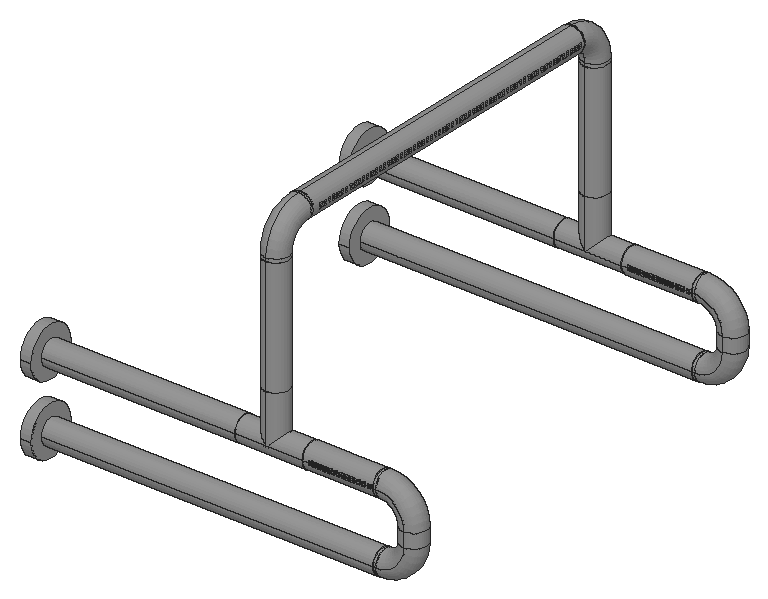
Revit family "Tube Coated Handicap Grab Bar White_IN", category Pipe Accessories, Revit 2017 (continued)
Forms (mm)
  Extrusion 216, solid, material "NYLONS"
    sketch origin (0, 308.334, 2.506) x (0, 1, 0) y (0, 0, 1)
      loop
        spline (93.449, 414.289) -> (93.523, 414.405) -> (93.583, 414.523) -> (93.63, 414.644) -> (93.663, 414.766) -> (93.684, 414.89) -> (93.69, 415.016) -> (93.684, 415.144) -> (93.663, 415.274) -> (93.63, 415.407) -> (93.583, 415.541) -> (93.523, 415.677) -> (93.449, 415.815)
        line (93.449, 415.815) -> (90.004, 415.815)
    from 317.061 to 318.374
  Extrusion 217, solid, material "NYLONS"
    sketch origin (0, 308.334, -2.612) x (0, 1, 0) y (0, 0, 1)
      loop
        spline (90.004, 415.815) -> (89.912, 415.689) -> (89.837, 415.563) -> (89.779, 415.437) -> (89.737, 415.31) -> (89.712, 415.183) -> (89.703, 415.056) -> (89.712, 414.929) -> (89.737, 414.801) -> (89.779, 414.674) -> (89.837, 414.546) -> (89.912, 414.417) -> (90.004, 414.289)
        line (90.004, 414.289) -> (93.449, 414.289)
        spline (93.449, 414.289) -> (93.523, 414.405) -> (93.583, 414.523) -> (93.63, 414.644) -> (93.663, 414.766) -> (93.684, 414.89) -> (93.69, 415.016) -> (93.684, 415.144) -> (93.663, 415.274) -> (93.63, 415.407) -> (93.583, 415.541) -> (93.523, 415.677) -> (93.449, 415.815)
        line (93.449, 415.815) -> (90.004, 415.815)
    from 317.061 to 318.374
  Extrusion 218, solid, material "NYLONS"
    sketch origin (0, 315.798, 0) x (0, 1, 0) y (0, 0, 1)
      loop
        spline (90.004, 415.815) -> (89.912, 415.689) -> (89.837, 415.563) -> (89.779, 415.437) -> (89.737, 415.31) -> (89.712, 415.183) -> (89.703, 415.056) -> (89.712, 414.929) -> (89.737, 414.801) -> (89.779, 414.674) -> (89.837, 414.546) -> (89.912, 414.417) -> (90.004, 414.289)
        line (90.004, 414.289) -> (93.449, 414.289)
        spline (93.449, 414.289) -> (93.523, 414.405) -> (93.583, 414.523) -> (93.63, 414.644) -> (93.663, 414.766) -> (93.684, 414.89) -> (93.69, 415.016) -> (93.684, 415.144) -> (93.663, 415.274) -> (93.63, 415.407) -> (93.583, 415.541) -> (93.523, 415.677) -> (93.449, 415.815)
        line (93.449, 415.815) -> (90.004, 415.815)
    from 317.061 to 318.374
  Extrusion 219, solid, material "NYLONS"
    sketch origin (0, 315.798, 2.506) x (0, 1, 0) y (0, 0, 1)
      loop
        spline (90.004, 415.815) -> (89.912, 415.689) -> (89.837, 415.563) -> (89.779, 415.437) -> (89.737, 415.31) -> (89.712, 415.183) -> (89.703, 415.056) -> (89.712, 414.929) -> (89.737, 414.801) -> (89.779, 414.674) -> (89.837, 414.546) -> (89.912, 414.417) -> (90.004, 414.289)
        line (90.004, 414.289) -> (93.449, 414.289)
        spline (93.449, 414.289) -> (93.523, 414.405) -> (93.583, 414.523) -> (93.63, 414.644) -> (93.663, 414.766) -> (93.684, 414.89) -> (93.69, 415.016) -> (93.684, 415.144) -> (93.663, 415.274) -> (93.63, 415.407) -> (93.583, 415.541) -> (93.523, 415.677) -> (93.449, 415.815)
        line (93.449, 415.815) -> (90.004, 415.815)
    from 317.061 to 318.374
  Extrusion 220, solid, material "NYLONS"
    sketch origin (0, 315.798, -2.612) x (0, 1, 0) y (0, 0, 1)
      loop
        spline (90.004, 415.815) -> (89.912, 415.689) -> (89.837, 415.563) -> (89.779, 415.437) -> (89.737, 415.31) -> (89.712, 415.183) -> (89.703, 415.056) -> (89.712, 414.929) -> (89.737, 414.801) -> (89.779, 414.674) -> (89.837, 414.546) -> (89.912, 414.417) -> (90.004, 414.289)
        line (90.004, 414.289) -> (93.449, 414.289)
        spline (93.449, 414.289) -> (93.523, 414.405) -> (93.583, 414.523) -> (93.63, 414.644) -> (93.663, 414.766) -> (93.684, 414.89) -> (93.69, 415.016) -> (93.684, 415.144) -> (93.663, 415.274) -> (93.63, 415.407) -> (93.583, 415.541) -> (93.523, 415.677) -> (93.449, 415.815)
        line (93.449, 415.815) -> (90.004, 415.815)
    from 317.061 to 318.374
  Extrusion 221, solid, material "NYLONS"
    sketch origin (0, 323.262, 0) x (0, 1, 0) y (0, 0, 1)
      loop
        spline (90.004, 415.815) -> (89.912, 415.689) -> (89.837, 415.563) -> (89.779, 415.437) -> (89.737, 415.31) -> (89.712, 415.183) -> (89.703, 415.056) -> (89.712, 414.929) -> (89.737, 414.801) -> (89.779, 414.674) -> (89.837, 414.546) -> (89.912, 414.417) -> (90.004, 414.289)
        line (90.004, 414.289) -> (93.449, 414.289)
        spline (93.449, 414.289) -> (93.523, 414.405) -> (93.583, 414.523) -> (93.63, 414.644) -> (93.663, 414.766) -> (93.684, 414.89) -> (93.69, 415.016) -> (93.684, 415.144) -> (93.663, 415.274) -> (93.63, 415.407) -> (93.583, 415.541) -> (93.523, 415.677) -> (93.449, 415.815)
        line (93.449, 415.815) -> (90.004, 415.815)
    from 317.061 to 318.374
  Extrusion 222, solid, material "NYLONS"
    sketch origin (0, 323.262, 2.506) x (0, 1, 0) y (0, 0, 1)
      loop
        spline (90.004, 415.815) -> (89.912, 415.689) -> (89.837, 415.563) -> (89.779, 415.437) -> (89.737, 415.31) -> (89.712, 415.183) -> (89.703, 415.056) -> (89.712, 414.929) -> (89.737, 414.801) -> (89.779, 414.674) -> (89.837, 414.546) -> (89.912, 414.417) -> (90.004, 414.289)
        line (90.004, 414.289) -> (93.449, 414.289)
        spline (93.449, 414.289) -> (93.523, 414.405) -> (93.583, 414.523) -> (93.63, 414.644) -> (93.663, 414.766) -> (93.684, 414.89) -> (93.69, 415.016) -> (93.684, 415.144) -> (93.663, 415.274) -> (93.63, 415.407) -> (93.583, 415.541) -> (93.523, 415.677) -> (93.449, 415.815)
        line (93.449, 415.815) -> (90.004, 415.815)
    from 317.061 to 318.374
  Extrusion 223, solid, material "NYLONS"
    sketch origin (0, 323.262, -2.612) x (0, 1, 0) y (0, 0, 1)
      loop
        spline (90.004, 415.815) -> (89.912, 415.689) -> (89.837, 415.563) -> (89.779, 415.437) -> (89.737, 415.31) -> (89.712, 415.183) -> (89.703, 415.056) -> (89.712, 414.929) -> (89.737, 414.801) -> (89.779, 414.674) -> (89.837, 414.546) -> (89.912, 414.417) -> (90.004, 414.289)
        line (90.004, 414.289) -> (93.449, 414.289)
        spline (93.449, 414.289) -> (93.523, 414.405) -> (93.583, 414.523) -> (93.63, 414.644) -> (93.663, 414.766) -> (93.684, 414.89) -> (93.69, 415.016) -> (93.684, 415.144) -> (93.663, 415.274) -> (93.63, 415.407) -> (93.583, 415.541) -> (93.523, 415.677) -> (93.449, 415.815)
        line (93.449, 415.815) -> (90.004, 415.815)
    from 317.061 to 318.374
  Extrusion 224, solid, material "NYLONS"
    sketch origin (0, 330.942, 0) x (0, 1, 0) y (0, 0, 1)
      loop
        spline (90.004, 415.815) -> (89.912, 415.689) -> (89.837, 415.563) -> (89.779, 415.437) -> (89.737, 415.31) -> (89.712, 415.183) -> (89.703, 415.056) -> (89.712, 414.929) -> (89.737, 414.801) -> (89.779, 414.674) -> (89.837, 414.546) -> (89.912, 414.417) -> (90.004, 414.289)
        line (90.004, 414.289) -> (93.449, 414.289)
        spline (93.449, 414.289) -> (93.523, 414.405) -> (93.583, 414.523) -> (93.63, 414.644) -> (93.663, 414.766) -> (93.684, 414.89) -> (93.69, 415.016) -> (93.684, 415.144) -> (93.663, 415.274) -> (93.63, 415.407) -> (93.583, 415.541) -> (93.523, 415.677) -> (93.449, 415.815)
        line (93.449, 415.815) -> (90.004, 415.815)
    from 317.061 to 318.374
  Extrusion 225, solid, material "NYLONS"
    sketch origin (0, 330.942, 2.506) x (0, 1, 0) y (0, 0, 1)
      loop
        spline (90.004, 415.815) -> (89.912, 415.689) -> (89.837, 415.563) -> (89.779, 415.437) -> (89.737, 415.31) -> (89.712, 415.183) -> (89.703, 415.056) -> (89.712, 414.929) -> (89.737, 414.801) -> (89.779, 414.674) -> (89.837, 414.546) -> (89.912, 414.417) -> (90.004, 414.289)
        line (90.004, 414.289) -> (93.449, 414.289)
        spline (93.449, 414.289) -> (93.523, 414.405) -> (93.583, 414.523) -> (93.63, 414.644) -> (93.663, 414.766) -> (93.684, 414.89) -> (93.69, 415.016) -> (93.684, 415.144) -> (93.663, 415.274) -> (93.63, 415.407) -> (93.583, 415.541) -> (93.523, 415.677) -> (93.449, 415.815)
        line (93.449, 415.815) -> (90.004, 415.815)
    from 317.061 to 318.374
  Extrusion 226, solid, material "NYLONS"
    sketch origin (0, 330.942, -2.612) x (0, 1, 0) y (0, 0, 1)
      loop
        spline (90.004, 415.815) -> (89.912, 415.689) -> (89.837, 415.563) -> (89.779, 415.437) -> (89.737, 415.31) -> (89.712, 415.183) -> (89.703, 415.056) -> (89.712, 414.929) -> (89.737, 414.801) -> (89.779, 414.674) -> (89.837, 414.546) -> (89.912, 414.417) -> (90.004, 414.289)
        line (90.004, 414.289) -> (93.449, 414.289)
        spline (93.449, 414.289) -> (93.523, 414.405) -> (93.583, 414.523) -> (93.63, 414.644) -> (93.663, 414.766) -> (93.684, 414.89) -> (93.69, 415.016) -> (93.684, 415.144) -> (93.663, 415.274) -> (93.63, 415.407) -> (93.583, 415.541) -> (93.523, 415.677) -> (93.449, 415.815)
        line (93.449, 415.815) -> (90.004, 415.815)
    from 317.061 to 318.374
  Extrusion 227, solid, material "NYLONS"
    sketch origin (0, 338.549, 0) x (0, 1, 0) y (0, 0, 1)
      loop
        spline (90.004, 415.815) -> (89.912, 415.689) -> (89.837, 415.563) -> (89.779, 415.437) -> (89.737, 415.31) -> (89.712, 415.183) -> (89.703, 415.056) -> (89.712, 414.929) -> (89.737, 414.801) -> (89.779, 414.674) -> (89.837, 414.546) -> (89.912, 414.417) -> (90.004, 414.289)
        line (90.004, 414.289) -> (93.449, 414.289)
        spline (93.449, 414.289) -> (93.523, 414.405) -> (93.583, 414.523) -> (93.63, 414.644) -> (93.663, 414.766) -> (93.684, 414.89) -> (93.69, 415.016) -> (93.684, 415.144) -> (93.663, 415.274) -> (93.63, 415.407) -> (93.583, 415.541) -> (93.523, 415.677) -> (93.449, 415.815)
        line (93.449, 415.815) -> (90.004, 415.815)
    from 317.061 to 318.374
  Extrusion 228, solid, material "NYLONS"
    sketch origin (0, 338.549, 2.506) x (0, 1, 0) y (0, 0, 1)
      loop
        spline (90.004, 415.815) -> (89.912, 415.689) -> (89.837, 415.563) -> (89.779, 415.437) -> (89.737, 415.31) -> (89.712, 415.183) -> (89.703, 415.056) -> (89.712, 414.929) -> (89.737, 414.801) -> (89.779, 414.674) -> (89.837, 414.546) -> (89.912, 414.417) -> (90.004, 414.289)
        line (90.004, 414.289) -> (93.449, 414.289)
        spline (93.449, 414.289) -> (93.523, 414.405) -> (93.583, 414.523) -> (93.63, 414.644) -> (93.663, 414.766) -> (93.684, 414.89) -> (93.69, 415.016) -> (93.684, 415.144) -> (93.663, 415.274) -> (93.63, 415.407) -> (93.583, 415.541) -> (93.523, 415.677) -> (93.449, 415.815)
        line (93.449, 415.815) -> (90.004, 415.815)
    from 317.061 to 318.374
  Extrusion 229, solid, material "NYLONS"
    sketch origin (0, 338.549, -2.612) x (0, 1, 0) y (0, 0, 1)
      loop
        spline (90.004, 415.815) -> (89.912, 415.689) -> (89.837, 415.563) -> (89.779, 415.437) -> (89.737, 415.31) -> (89.712, 415.183) -> (89.703, 415.056) -> (89.712, 414.929) -> (89.737, 414.801) -> (89.779, 414.674) -> (89.837, 414.546) -> (89.912, 414.417) -> (90.004, 414.289)
        line (90.004, 414.289) -> (93.449, 414.289)
        spline (93.449, 414.289) -> (93.523, 414.405) -> (93.583, 414.523) -> (93.63, 414.644) -> (93.663, 414.766) -> (93.684, 414.89) -> (93.69, 415.016) -> (93.684, 415.144) -> (93.663, 415.274) -> (93.63, 415.407) -> (93.583, 415.541) -> (93.523, 415.677) -> (93.449, 415.815)
        line (93.449, 415.815) -> (90.004, 415.815)
    from 317.061 to 318.374
  Extrusion 230, solid, material "NYLONS"
    sketch origin (0, 346.013, 0) x (0, 1, 0) y (0, 0, 1)
      loop
        spline (90.004, 415.815) -> (89.912, 415.689) -> (89.837, 415.563) -> (89.779, 415.437) -> (89.737, 415.31) -> (89.712, 415.183) -> (89.703, 415.056) -> (89.712, 414.929) -> (89.737, 414.801) -> (89.779, 414.674) -> (89.837, 414.546) -> (89.912, 414.417) -> (90.004, 414.289)
        line (90.004, 414.289) -> (93.449, 414.289)
        spline (93.449, 414.289) -> (93.523, 414.405) -> (93.583, 414.523) -> (93.63, 414.644) -> (93.663, 414.766) -> (93.684, 414.89) -> (93.69, 415.016) -> (93.684, 415.144) -> (93.663, 415.274) -> (93.63, 415.407) -> (93.583, 415.541) -> (93.523, 415.677) -> (93.449, 415.815)
        line (93.449, 415.815) -> (90.004, 415.815)
    from 317.061 to 318.374
  Extrusion 231, solid, material "NYLONS"
    sketch origin (0, 346.013, 2.506) x (0, 1, 0) y (0, 0, 1)
      loop
        spline (90.004, 415.815) -> (89.912, 415.689) -> (89.837, 415.563) -> (89.779, 415.437) -> (89.737, 415.31) -> (89.712, 415.183) -> (89.703, 415.056) -> (89.712, 414.929) -> (89.737, 414.801) -> (89.779, 414.674) -> (89.837, 414.546) -> (89.912, 414.417) -> (90.004, 414.289)
        line (90.004, 414.289) -> (93.449, 414.289)
        spline (93.449, 414.289) -> (93.523, 414.405) -> (93.583, 414.523) -> (93.63, 414.644) -> (93.663, 414.766) -> (93.684, 414.89) -> (93.69, 415.016) -> (93.684, 415.144) -> (93.663, 415.274) -> (93.63, 415.407) -> (93.583, 415.541) -> (93.523, 415.677) -> (93.449, 415.815)
        line (93.449, 415.815) -> (90.004, 415.815)
    from 317.061 to 318.374
  Extrusion 232, solid, material "NYLONS"
    sketch origin (0, 346.013, -2.612) x (0, 1, 0) y (0, 0, 1)
      loop
        spline (90.004, 415.815) -> (89.912, 415.689) -> (89.837, 415.563) -> (89.779, 415.437) -> (89.737, 415.31) -> (89.712, 415.183) -> (89.703, 415.056) -> (89.712, 414.929) -> (89.737, 414.801) -> (89.779, 414.674) -> (89.837, 414.546) -> (89.912, 414.417) -> (90.004, 414.289)
        line (90.004, 414.289) -> (93.449, 414.289)
        spline (93.449, 414.289) -> (93.523, 414.405) -> (93.583, 414.523) -> (93.63, 414.644) -> (93.663, 414.766) -> (93.684, 414.89) -> (93.69, 415.016) -> (93.684, 415.144) -> (93.663, 415.274) -> (93.63, 415.407) -> (93.583, 415.541) -> (93.523, 415.677) -> (93.449, 415.815)
        line (93.449, 415.815) -> (90.004, 415.815)
    from 317.061 to 318.374
  Extrusion 233, solid, material "NYLONS"
    sketch origin (0, 353.549, 0) x (0, 1, 0) y (0, 0, 1)
      loop
        spline (90.004, 415.815) -> (89.912, 415.689) -> (89.837, 415.563) -> (89.779, 415.437) -> (89.737, 415.31) -> (89.712, 415.183) -> (89.703, 415.056) -> (89.712, 414.929) -> (89.737, 414.801) -> (89.779, 414.674) -> (89.837, 414.546) -> (89.912, 414.417) -> (90.004, 414.289)
        line (90.004, 414.289) -> (93.449, 414.289)
        spline (93.449, 414.289) -> (93.523, 414.405) -> (93.583, 414.523) -> (93.63, 414.644) -> (93.663, 414.766) -> (93.684, 414.89) -> (93.69, 415.016) -> (93.684, 415.144) -> (93.663, 415.274) -> (93.63, 415.407) -> (93.583, 415.541) -> (93.523, 415.677) -> (93.449, 415.815)
        line (93.449, 415.815) -> (90.004, 415.815)
    from 317.061 to 318.374
  Extrusion 234, solid, material "NYLONS"
    sketch origin (0, 353.549, 2.506) x (0, 1, 0) y (0, 0, 1)
      loop
        spline (90.004, 415.815) -> (89.912, 415.689) -> (89.837, 415.563) -> (89.779, 415.437) -> (89.737, 415.31) -> (89.712, 415.183) -> (89.703, 415.056) -> (89.712, 414.929) -> (89.737, 414.801) -> (89.779, 414.674) -> (89.837, 414.546) -> (89.912, 414.417) -> (90.004, 414.289)
        line (90.004, 414.289) -> (93.449, 414.289)
        spline (93.449, 414.289) -> (93.523, 414.405) -> (93.583, 414.523) -> (93.63, 414.644) -> (93.663, 414.766) -> (93.684, 414.89) -> (93.69, 415.016) -> (93.684, 415.144) -> (93.663, 415.274) -> (93.63, 415.407) -> (93.583, 415.541) -> (93.523, 415.677) -> (93.449, 415.815)
        line (93.449, 415.815) -> (90.004, 415.815)
    from 317.061 to 318.374
  Extrusion 235, solid, material "NYLONS"
    sketch origin (0, 353.549, -2.612) x (0, 1, 0) y (0, 0, 1)
      loop
        spline (90.004, 415.815) -> (89.912, 415.689) -> (89.837, 415.563) -> (89.779, 415.437) -> (89.737, 415.31) -> (89.712, 415.183) -> (89.703, 415.056) -> (89.712, 414.929) -> (89.737, 414.801) -> (89.779, 414.674) -> (89.837, 414.546) -> (89.912, 414.417) -> (90.004, 414.289)
        line (90.004, 414.289) -> (93.449, 414.289)
        spline (93.449, 414.289) -> (93.523, 414.405) -> (93.583, 414.523) -> (93.63, 414.644) -> (93.663, 414.766) -> (93.684, 414.89) -> (93.69, 415.016) -> (93.684, 415.144) -> (93.663, 415.274) -> (93.63, 415.407) -> (93.583, 415.541) -> (93.523, 415.677) -> (93.449, 415.815)
        line (93.449, 415.815) -> (90.004, 415.815)
    from 317.061 to 318.374
  Extrusion 236, solid, material "NYLONS"
    sketch origin (0, 361.085, 0) x (0, 1, 0) y (0, 0, 1)
      loop
        spline (90.004, 415.815) -> (89.912, 415.689) -> (89.837, 415.563) -> (89.779, 415.437) -> (89.737, 415.31) -> (89.712, 415.183) -> (89.703, 415.056) -> (89.712, 414.929) -> (89.737, 414.801) -> (89.779, 414.674) -> (89.837, 414.546) -> (89.912, 414.417) -> (90.004, 414.289)
        line (90.004, 414.289) -> (93.449, 414.289)
        spline (93.449, 414.289) -> (93.523, 414.405) -> (93.583, 414.523) -> (93.63, 414.644) -> (93.663, 414.766) -> (93.684, 414.89) -> (93.69, 415.016) -> (93.684, 415.144) -> (93.663, 415.274) -> (93.63, 415.407) -> (93.583, 415.541) -> (93.523, 415.677) -> (93.449, 415.815)
        line (93.449, 415.815) -> (90.004, 415.815)
    from 317.061 to 318.374
  Extrusion 237, solid, material "NYLONS"
    sketch origin (0, 361.085, 2.506) x (0, 1, 0) y (0, 0, 1)
      loop
        spline (90.004, 415.815) -> (89.912, 415.689) -> (89.837, 415.563) -> (89.779, 415.437) -> (89.737, 415.31) -> (89.712, 415.183) -> (89.703, 415.056) -> (89.712, 414.929) -> (89.737, 414.801) -> (89.779, 414.674) -> (89.837, 414.546) -> (89.912, 414.417) -> (90.004, 414.289)
        line (90.004, 414.289) -> (93.449, 414.289)
        spline (93.449, 414.289) -> (93.523, 414.405) -> (93.583, 414.523) -> (93.63, 414.644) -> (93.663, 414.766) -> (93.684, 414.89) -> (93.69, 415.016) -> (93.684, 415.144) -> (93.663, 415.274) -> (93.63, 415.407) -> (93.583, 415.541) -> (93.523, 415.677) -> (93.449, 415.815)
        line (93.449, 415.815) -> (90.004, 415.815)
    from 317.061 to 318.374
  Extrusion 238, solid, material "NYLONS"
    sketch origin (0, 361.085, -2.612) x (0, 1, 0) y (0, 0, 1)
      loop
        spline (90.004, 415.815) -> (89.912, 415.689) -> (89.837, 415.563) -> (89.779, 415.437) -> (89.737, 415.31) -> (89.712, 415.183) -> (89.703, 415.056) -> (89.712, 414.929) -> (89.737, 414.801) -> (89.779, 414.674) -> (89.837, 414.546) -> (89.912, 414.417) -> (90.004, 414.289)
        line (90.004, 414.289) -> (93.449, 414.289)
        spline (93.449, 414.289) -> (93.523, 414.405) -> (93.583, 414.523) -> (93.63, 414.644) -> (93.663, 414.766) -> (93.684, 414.89) -> (93.69, 415.016) -> (93.684, 415.144) -> (93.663, 415.274) -> (93.63, 415.407) -> (93.583, 415.541) -> (93.523, 415.677) -> (93.449, 415.815)
        line (93.449, 415.815) -> (90.004, 415.815)
    from 317.061 to 318.374
  Extrusion 239, solid, material "NYLONS"
    sketch origin (0, 368.338, 0) x (0, 1, 0) y (0, 0, 1)
      loop
        spline (90.004, 415.815) -> (89.912, 415.689) -> (89.837, 415.563) -> (89.779, 415.437) -> (89.737, 415.31) -> (89.712, 415.183) -> (89.703, 415.056) -> (89.712, 414.929) -> (89.737, 414.801) -> (89.779, 414.674) -> (89.837, 414.546) -> (89.912, 414.417) -> (90.004, 414.289)
        line (90.004, 414.289) -> (93.449, 414.289)
        spline (93.449, 414.289) -> (93.523, 414.405) -> (93.583, 414.523) -> (93.63, 414.644) -> (93.663, 414.766) -> (93.684, 414.89) -> (93.69, 415.016) -> (93.684, 415.144) -> (93.663, 415.274) -> (93.63, 415.407) -> (93.583, 415.541) -> (93.523, 415.677) -> (93.449, 415.815)
        line (93.449, 415.815) -> (90.004, 415.815)
    from 317.061 to 318.374
  Extrusion 240, solid, material "NYLONS"
    sketch origin (0, 368.338, 2.506) x (0, 1, 0) y (0, 0, 1)
      loop
        spline (90.004, 415.815) -> (89.912, 415.689) -> (89.837, 415.563) -> (89.779, 415.437) -> (89.737, 415.31) -> (89.712, 415.183) -> (89.703, 415.056) -> (89.712, 414.929) -> (89.737, 414.801) -> (89.779, 414.674) -> (89.837, 414.546) -> (89.912, 414.417) -> (90.004, 414.289)
        line (90.004, 414.289) -> (93.449, 414.289)
        spline (93.449, 414.289) -> (93.523, 414.405) -> (93.583, 414.523) -> (93.63, 414.644) -> (93.663, 414.766) -> (93.684, 414.89) -> (93.69, 415.016) -> (93.684, 415.144) -> (93.663, 415.274) -> (93.63, 415.407) -> (93.583, 415.541) -> (93.523, 415.677) -> (93.449, 415.815)
        line (93.449, 415.815) -> (90.004, 415.815)
    from 317.061 to 318.374
  Extrusion 241, solid, material "NYLONS"
    sketch origin (0, 368.338, -2.612) x (0, 1, 0) y (0, 0, 1)
      loop
        spline (90.004, 415.815) -> (89.912, 415.689) -> (89.837, 415.563) -> (89.779, 415.437) -> (89.737, 415.31) -> (89.712, 415.183) -> (89.703, 415.056) -> (89.712, 414.929) -> (89.737, 414.801) -> (89.779, 414.674) -> (89.837, 414.546) -> (89.912, 414.417) -> (90.004, 414.289)
        line (90.004, 414.289) -> (93.449, 414.289)
        spline (93.449, 414.289) -> (93.523, 414.405) -> (93.583, 414.523) -> (93.63, 414.644) -> (93.663, 414.766) -> (93.684, 414.89) -> (93.69, 415.016) -> (93.684, 415.144) -> (93.663, 415.274) -> (93.63, 415.407) -> (93.583, 415.541) -> (93.523, 415.677) -> (93.449, 415.815)
        line (93.449, 415.815) -> (90.004, 415.815)
    from 317.061 to 318.374
  Extrusion 242, solid, material "NYLONS"
    sketch origin (0, 375.844, 0) x (0, 1, 0) y (0, 0, 1)
      loop
        spline (90.004, 415.815) -> (89.912, 415.689) -> (89.837, 415.563) -> (89.779, 415.437) -> (89.737, 415.31) -> (89.712, 415.183) -> (89.703, 415.056) -> (89.712, 414.929) -> (89.737, 414.801) -> (89.779, 414.674) -> (89.837, 414.546) -> (89.912, 414.417) -> (90.004, 414.289)
        line (90.004, 414.289) -> (93.449, 414.289)
        spline (93.449, 414.289) -> (93.523, 414.405) -> (93.583, 414.523) -> (93.63, 414.644) -> (93.663, 414.766) -> (93.684, 414.89) -> (93.69, 415.016) -> (93.684, 415.144) -> (93.663, 415.274) -> (93.63, 415.407) -> (93.583, 415.541) -> (93.523, 415.677) -> (93.449, 415.815)
        line (93.449, 415.815) -> (90.004, 415.815)
    from 317.061 to 318.374
  Extrusion 243, solid, material "NYLONS"
    sketch origin (0, 375.844, 2.506) x (0, 1, 0) y (0, 0, 1)
      loop
        spline (90.004, 415.815) -> (89.912, 415.689) -> (89.837, 415.563) -> (89.779, 415.437) -> (89.737, 415.31) -> (89.712, 415.183) -> (89.703, 415.056) -> (89.712, 414.929) -> (89.737, 414.801) -> (89.779, 414.674) -> (89.837, 414.546) -> (89.912, 414.417) -> (90.004, 414.289)
        line (90.004, 414.289) -> (93.449, 414.289)
        spline (93.449, 414.289) -> (93.523, 414.405) -> (93.583, 414.523) -> (93.63, 414.644) -> (93.663, 414.766) -> (93.684, 414.89) -> (93.69, 415.016) -> (93.684, 415.144) -> (93.663, 415.274) -> (93.63, 415.407) -> (93.583, 415.541) -> (93.523, 415.677) -> (93.449, 415.815)
        line (93.449, 415.815) -> (90.004, 415.815)
    from 317.061 to 318.374
  Extrusion 244, solid, material "NYLONS"
    sketch origin (0, 375.844, -2.612) x (0, 1, 0) y (0, 0, 1)
      loop
        spline (90.004, 415.815) -> (89.912, 415.689) -> (89.837, 415.563) -> (89.779, 415.437) -> (89.737, 415.31) -> (89.712, 415.183) -> (89.703, 415.056) -> (89.712, 414.929) -> (89.737, 414.801) -> (89.779, 414.674) -> (89.837, 414.546) -> (89.912, 414.417) -> (90.004, 414.289)
        line (90.004, 414.289) -> (93.449, 414.289)
        spline (93.449, 414.289) -> (93.523, 414.405) -> (93.583, 414.523) -> (93.63, 414.644) -> (93.663, 414.766) -> (93.684, 414.89) -> (93.69, 415.016) -> (93.684, 415.144) -> (93.663, 415.274) -> (93.63, 415.407) -> (93.583, 415.541) -> (93.523, 415.677) -> (93.449, 415.815)
        line (93.449, 415.815) -> (90.004, 415.815)
    from 317.061 to 318.374
  Extrusion 245, solid, material "NYLONS"
    sketch origin (0, 383.351, 0) x (0, 1, 0) y (0, 0, 1)
      loop
        spline (90.004, 415.815) -> (89.912, 415.689) -> (89.837, 415.563) -> (89.779, 415.437) -> (89.737, 415.31) -> (89.712, 415.183) -> (89.703, 415.056) -> (89.712, 414.929) -> (89.737, 414.801) -> (89.779, 414.674) -> (89.837, 414.546) -> (89.912, 414.417) -> (90.004, 414.289)
        line (90.004, 414.289) -> (93.449, 414.289)
        spline (93.449, 414.289) -> (93.523, 414.405) -> (93.583, 414.523) -> (93.63, 414.644) -> (93.663, 414.766) -> (93.684, 414.89) -> (93.69, 415.016) -> (93.684, 415.144) -> (93.663, 415.274) -> (93.63, 415.407) -> (93.583, 415.541) -> (93.523, 415.677) -> (93.449, 415.815)
        line (93.449, 415.815) -> (90.004, 415.815)
    from 317.061 to 318.374
  Extrusion 246, solid, material "NYLONS"
    sketch origin (0, 383.351, 2.506) x (0, 1, 0) y (0, 0, 1)
      loop
        spline (90.004, 415.815) -> (89.912, 415.689) -> (89.837, 415.563) -> (89.779, 415.437) -> (89.737, 415.31) -> (89.712, 415.183) -> (89.703, 415.056) -> (89.712, 414.929) -> (89.737, 414.801) -> (89.779, 414.674) -> (89.837, 414.546) -> (89.912, 414.417) -> (90.004, 414.289)
        line (90.004, 414.289) -> (93.449, 414.289)
        spline (93.449, 414.289) -> (93.523, 414.405) -> (93.583, 414.523) -> (93.63, 414.644) -> (93.663, 414.766) -> (93.684, 414.89) -> (93.69, 415.016) -> (93.684, 415.144) -> (93.663, 415.274) -> (93.63, 415.407) -> (93.583, 415.541) -> (93.523, 415.677) -> (93.449, 415.815)
        line (93.449, 415.815) -> (90.004, 415.815)
    from 317.061 to 318.374
  Extrusion 247, solid, material "NYLONS"
    sketch origin (0, 383.351, -2.612) x (0, 1, 0) y (0, 0, 1)
      loop
        spline (90.004, 415.815) -> (89.912, 415.689) -> (89.837, 415.563) -> (89.779, 415.437) -> (89.737, 415.31) -> (89.712, 415.183) -> (89.703, 415.056) -> (89.712, 414.929) -> (89.737, 414.801) -> (89.779, 414.674) -> (89.837, 414.546) -> (89.912, 414.417) -> (90.004, 414.289)
        line (90.004, 414.289) -> (93.449, 414.289)
        spline (93.449, 414.289) -> (93.523, 414.405) -> (93.583, 414.523) -> (93.63, 414.644) -> (93.663, 414.766) -> (93.684, 414.89) -> (93.69, 415.016) -> (93.684, 415.144) -> (93.663, 415.274) -> (93.63, 415.407) -> (93.583, 415.541) -> (93.523, 415.677) -> (93.449, 415.815)
        line (93.449, 415.815) -> (90.004, 415.815)
    from 317.061 to 318.374
  Extrusion 248, solid, material "NYLONS"
    sketch origin (0, 391.29, 0) x (0, 1, 0) y (0, 0, 1)
      loop
        spline (90.004, 415.815) -> (89.912, 415.689) -> (89.837, 415.563) -> (89.779, 415.437) -> (89.737, 415.31) -> (89.712, 415.183) -> (89.703, 415.056) -> (89.712, 414.929) -> (89.737, 414.801) -> (89.779, 414.674) -> (89.837, 414.546) -> (89.912, 414.417) -> (90.004, 414.289)
        line (90.004, 414.289) -> (93.449, 414.289)
        spline (93.449, 414.289) -> (93.523, 414.405) -> (93.583, 414.523) -> (93.63, 414.644) -> (93.663, 414.766) -> (93.684, 414.89) -> (93.69, 415.016) -> (93.684, 415.144) -> (93.663, 415.274) -> (93.63, 415.407) -> (93.583, 415.541) -> (93.523, 415.677) -> (93.449, 415.815)
        line (93.449, 415.815) -> (90.004, 415.815)
    from 317.061 to 318.374
  Extrusion 249, solid, material "NYLONS"
    sketch origin (0, 391.29, 2.506) x (0, 1, 0) y (0, 0, 1)
      loop
        spline (90.004, 415.815) -> (89.912, 415.689) -> (89.837, 415.563) -> (89.779, 415.437) -> (89.737, 415.31) -> (89.712, 415.183) -> (89.703, 415.056) -> (89.712, 414.929) -> (89.737, 414.801) -> (89.779, 414.674) -> (89.837, 414.546) -> (89.912, 414.417) -> (90.004, 414.289)
        line (90.004, 414.289) -> (93.449, 414.289)
        spline (93.449, 414.289) -> (93.523, 414.405) -> (93.583, 414.523) -> (93.63, 414.644) -> (93.663, 414.766) -> (93.684, 414.89) -> (93.69, 415.016) -> (93.684, 415.144) -> (93.663, 415.274) -> (93.63, 415.407) -> (93.583, 415.541) -> (93.523, 415.677) -> (93.449, 415.815)
        line (93.449, 415.815) -> (90.004, 415.815)
    from 317.061 to 318.374
  Extrusion 250, solid, material "NYLONS"
    sketch origin (0, 391.29, -2.612) x (0, 1, 0) y (0, 0, 1)
      loop
        spline (90.004, 415.815) -> (89.912, 415.689) -> (89.837, 415.563) -> (89.779, 415.437) -> (89.737, 415.31) -> (89.712, 415.183) -> (89.703, 415.056) -> (89.712, 414.929) -> (89.737, 414.801) -> (89.779, 414.674) -> (89.837, 414.546) -> (89.912, 414.417) -> (90.004, 414.289)
        line (90.004, 414.289) -> (93.449, 414.289)
        spline (93.449, 414.289) -> (93.523, 414.405) -> (93.583, 414.523) -> (93.63, 414.644) -> (93.663, 414.766) -> (93.684, 414.89) -> (93.69, 415.016) -> (93.684, 415.144) -> (93.663, 415.274) -> (93.63, 415.407) -> (93.583, 415.541) -> (93.523, 415.677) -> (93.449, 415.815)
        line (93.449, 415.815) -> (90.004, 415.815)
    from 317.061 to 318.374
  Extrusion 251, solid, material "NYLONS"
    sketch origin (0, 398.941, 0) x (0, 1, 0) y (0, 0, 1)
      loop
        spline (90.004, 415.815) -> (89.912, 415.689) -> (89.837, 415.563) -> (89.779, 415.437) -> (89.737, 415.31) -> (89.712, 415.183) -> (89.703, 415.056) -> (89.712, 414.929) -> (89.737, 414.801) -> (89.779, 414.674) -> (89.837, 414.546) -> (89.912, 414.417) -> (90.004, 414.289)
        line (90.004, 414.289) -> (93.449, 414.289)
        spline (93.449, 414.289) -> (93.523, 414.405) -> (93.583, 414.523) -> (93.63, 414.644) -> (93.663, 414.766) -> (93.684, 414.89) -> (93.69, 415.016) -> (93.684, 415.144) -> (93.663, 415.274) -> (93.63, 415.407) -> (93.583, 415.541) -> (93.523, 415.677) -> (93.449, 415.815)
        line (93.449, 415.815) -> (90.004, 415.815)
    from 317.061 to 318.374
  Extrusion 252, solid, material "NYLONS"
    sketch origin (0, 398.941, 2.506) x (0, 1, 0) y (0, 0, 1)
      loop
        spline (90.004, 415.815) -> (89.912, 415.689) -> (89.837, 415.563) -> (89.779, 415.437) -> (89.737, 415.31) -> (89.712, 415.183) -> (89.703, 415.056) -> (89.712, 414.929) -> (89.737, 414.801) -> (89.779, 414.674) -> (89.837, 414.546) -> (89.912, 414.417) -> (90.004, 414.289)
        line (90.004, 414.289) -> (93.449, 414.289)
        spline (93.449, 414.289) -> (93.523, 414.405) -> (93.583, 414.523) -> (93.63, 414.644) -> (93.663, 414.766) -> (93.684, 414.89) -> (93.69, 415.016) -> (93.684, 415.144) -> (93.663, 415.274) -> (93.63, 415.407) -> (93.583, 415.541) -> (93.523, 415.677) -> (93.449, 415.815)
        line (93.449, 415.815) -> (90.004, 415.815)
    from 317.061 to 318.374
  Extrusion 253, solid, material "NYLONS"
    sketch origin (0, 398.941, -2.612) x (0, 1, 0) y (0, 0, 1)
      loop
        spline (90.004, 415.815) -> (89.912, 415.689) -> (89.837, 415.563) -> (89.779, 415.437) -> (89.737, 415.31) -> (89.712, 415.183) -> (89.703, 415.056) -> (89.712, 414.929) -> (89.737, 414.801) -> (89.779, 414.674) -> (89.837, 414.546) -> (89.912, 414.417) -> (90.004, 414.289)
        line (90.004, 414.289) -> (93.449, 414.289)
        spline (93.449, 414.289) -> (93.523, 414.405) -> (93.583, 414.523) -> (93.63, 414.644) -> (93.663, 414.766) -> (93.684, 414.89) -> (93.69, 415.016) -> (93.684, 415.144) -> (93.663, 415.274) -> (93.63, 415.407) -> (93.583, 415.541) -> (93.523, 415.677) -> (93.449, 415.815)
        line (93.449, 415.815) -> (90.004, 415.815)
    from 317.061 to 318.374
  Extrusion 254, solid, material "NYLONS"
    sketch origin (0, 406.736, 0) x (0, 1, 0) y (0, 0, 1)
      loop
        spline (90.004, 415.815) -> (89.912, 415.689) -> (89.837, 415.563) -> (89.779, 415.437) -> (89.737, 415.31) -> (89.712, 415.183) -> (89.703, 415.056) -> (89.712, 414.929) -> (89.737, 414.801) -> (89.779, 414.674) -> (89.837, 414.546) -> (89.912, 414.417) -> (90.004, 414.289)
        line (90.004, 414.289) -> (93.449, 414.289)
        spline (93.449, 414.289) -> (93.523, 414.405) -> (93.583, 414.523) -> (93.63, 414.644) -> (93.663, 414.766) -> (93.684, 414.89) -> (93.69, 415.016) -> (93.684, 415.144) -> (93.663, 415.274) -> (93.63, 415.407) -> (93.583, 415.541) -> (93.523, 415.677) -> (93.449, 415.815)
        line (93.449, 415.815) -> (90.004, 415.815)
    from 317.061 to 318.374
  Extrusion 255, solid, material "NYLONS"
    sketch origin (0, 406.736, 2.506) x (0, 1, 0) y (0, 0, 1)
      loop
        spline (90.004, 415.815) -> (89.912, 415.689) -> (89.837, 415.563) -> (89.779, 415.437) -> (89.737, 415.31) -> (89.712, 415.183) -> (89.703, 415.056) -> (89.712, 414.929) -> (89.737, 414.801) -> (89.779, 414.674) -> (89.837, 414.546) -> (89.912, 414.417) -> (90.004, 414.289)
        line (90.004, 414.289) -> (93.449, 414.289)
        spline (93.449, 414.289) -> (93.523, 414.405) -> (93.583, 414.523) -> (93.63, 414.644) -> (93.663, 414.766) -> (93.684, 414.89) -> (93.69, 415.016) -> (93.684, 415.144) -> (93.663, 415.274) -> (93.63, 415.407) -> (93.583, 415.541) -> (93.523, 415.677) -> (93.449, 415.815)
        line (93.449, 415.815) -> (90.004, 415.815)
    from 317.061 to 318.374
  Extrusion 256, solid, material "NYLONS"
    sketch origin (0, 406.736, -2.612) x (0, 1, 0) y (0, 0, 1)
      loop
        spline (90.004, 415.815) -> (89.912, 415.689) -> (89.837, 415.563) -> (89.779, 415.437) -> (89.737, 415.31) -> (89.712, 415.183) -> (89.703, 415.056) -> (89.712, 414.929) -> (89.737, 414.801) -> (89.779, 414.674) -> (89.837, 414.546) -> (89.912, 414.417) -> (90.004, 414.289)
        line (90.004, 414.289) -> (93.449, 414.289)
        spline (93.449, 414.289) -> (93.523, 414.405) -> (93.583, 414.523) -> (93.63, 414.644) -> (93.663, 414.766) -> (93.684, 414.89) -> (93.69, 415.016) -> (93.684, 415.144) -> (93.663, 415.274) -> (93.63, 415.407) -> (93.583, 415.541) -> (93.523, 415.677) -> (93.449, 415.815)
        line (93.449, 415.815) -> (90.004, 415.815)
    from 317.061 to 318.374
  Extrusion 257, solid, material "NYLONS"
    sketch origin (0, 414.676, 0) x (0, 1, 0) y (0, 0, 1)
      loop
        spline (90.004, 415.815) -> (89.912, 415.689) -> (89.837, 415.563) -> (89.779, 415.437) -> (89.737, 415.31) -> (89.712, 415.183) -> (89.703, 415.056) -> (89.712, 414.929) -> (89.737, 414.801) -> (89.779, 414.674) -> (89.837, 414.546) -> (89.912, 414.417) -> (90.004, 414.289)
        line (90.004, 414.289) -> (93.449, 414.289)
        spline (93.449, 414.289) -> (93.523, 414.405) -> (93.583, 414.523) -> (93.63, 414.644) -> (93.663, 414.766) -> (93.684, 414.89) -> (93.69, 415.016) -> (93.684, 415.144) -> (93.663, 415.274) -> (93.63, 415.407) -> (93.583, 415.541) -> (93.523, 415.677) -> (93.449, 415.815)
        line (93.449, 415.815) -> (90.004, 415.815)
    from 317.061 to 318.374
  Extrusion 258, solid, material "NYLONS"
    sketch origin (0, 414.676, 2.506) x (0, 1, 0) y (0, 0, 1)
      loop
        spline (90.004, 415.815) -> (89.912, 415.689) -> (89.837, 415.563) -> (89.779, 415.437) -> (89.737, 415.31) -> (89.712, 415.183) -> (89.703, 415.056) -> (89.712, 414.929) -> (89.737, 414.801) -> (89.779, 414.674) -> (89.837, 414.546) -> (89.912, 414.417) -> (90.004, 414.289)
        line (90.004, 414.289) -> (93.449, 414.289)
        spline (93.449, 414.289) -> (93.523, 414.405) -> (93.583, 414.523) -> (93.63, 414.644) -> (93.663, 414.766) -> (93.684, 414.89) -> (93.69, 415.016) -> (93.684, 415.144) -> (93.663, 415.274) -> (93.63, 415.407) -> (93.583, 415.541) -> (93.523, 415.677) -> (93.449, 415.815)
        line (93.449, 415.815) -> (90.004, 415.815)
    from 317.061 to 318.374
  Extrusion 259, solid, material "NYLONS"
    sketch origin (0, 414.676, -2.612) x (0, 1, 0) y (0, 0, 1)
      loop
        spline (90.004, 415.815) -> (89.912, 415.689) -> (89.837, 415.563) -> (89.779, 415.437) -> (89.737, 415.31) -> (89.712, 415.183) -> (89.703, 415.056) -> (89.712, 414.929) -> (89.737, 414.801) -> (89.779, 414.674) -> (89.837, 414.546) -> (89.912, 414.417) -> (90.004, 414.289)
        line (90.004, 414.289) -> (93.449, 414.289)
        spline (93.449, 414.289) -> (93.523, 414.405) -> (93.583, 414.523) -> (93.63, 414.644) -> (93.663, 414.766) -> (93.684, 414.89) -> (93.69, 415.016) -> (93.684, 415.144) -> (93.663, 415.274) -> (93.63, 415.407) -> (93.583, 415.541) -> (93.523, 415.677) -> (93.449, 415.815)
        line (93.449, 415.815) -> (90.004, 415.815)
    from 317.061 to 318.374
  Extrusion 260, solid, material "NYLONS"
    sketch origin (0, 422.182, 0) x (0, 1, 0) y (0, 0, 1)
      loop
        spline (90.004, 415.815) -> (89.912, 415.689) -> (89.837, 415.563) -> (89.779, 415.437) -> (89.737, 415.31) -> (89.712, 415.183) -> (89.703, 415.056) -> (89.712, 414.929) -> (89.737, 414.801) -> (89.779, 414.674) -> (89.837, 414.546) -> (89.912, 414.417) -> (90.004, 414.289)
        line (90.004, 414.289) -> (93.449, 414.289)
        spline (93.449, 414.289) -> (93.523, 414.405) -> (93.583, 414.523) -> (93.63, 414.644) -> (93.663, 414.766) -> (93.684, 414.89) -> (93.69, 415.016) -> (93.684, 415.144) -> (93.663, 415.274) -> (93.63, 415.407) -> (93.583, 415.541) -> (93.523, 415.677) -> (93.449, 415.815)
        line (93.449, 415.815) -> (90.004, 415.815)
    from 317.061 to 318.374
  Extrusion 261, solid, material "NYLONS"
    sketch origin (0, 422.182, 2.506) x (0, 1, 0) y (0, 0, 1)
      loop
        spline (90.004, 415.815) -> (89.912, 415.689) -> (89.837, 415.563) -> (89.779, 415.437) -> (89.737, 415.31) -> (89.712, 415.183) -> (89.703, 415.056) -> (89.712, 414.929) -> (89.737, 414.801) -> (89.779, 414.674) -> (89.837, 414.546) -> (89.912, 414.417) -> (90.004, 414.289)
        line (90.004, 414.289) -> (93.449, 414.289)
        spline (93.449, 414.289) -> (93.523, 414.405) -> (93.583, 414.523) -> (93.63, 414.644) -> (93.663, 414.766) -> (93.684, 414.89) -> (93.69, 415.016) -> (93.684, 415.144) -> (93.663, 415.274) -> (93.63, 415.407) -> (93.583, 415.541) -> (93.523, 415.677) -> (93.449, 415.815)
        line (93.449, 415.815) -> (90.004, 415.815)
    from 317.061 to 318.374
  Extrusion 262, solid, material "NYLONS"
    sketch origin (0, 422.182, -2.612) x (0, 1, 0) y (0, 0, 1)
      loop
        spline (90.004, 415.815) -> (89.912, 415.689) -> (89.837, 415.563) -> (89.779, 415.437) -> (89.737, 415.31) -> (89.712, 415.183) -> (89.703, 415.056) -> (89.712, 414.929) -> (89.737, 414.801) -> (89.779, 414.674) -> (89.837, 414.546) -> (89.912, 414.417) -> (90.004, 414.289)
        line (90.004, 414.289) -> (93.449, 414.289)
        spline (93.449, 414.289) -> (93.523, 414.405) -> (93.583, 414.523) -> (93.63, 414.644) -> (93.663, 414.766) -> (93.684, 414.89) -> (93.69, 415.016) -> (93.684, 415.144) -> (93.663, 415.274) -> (93.63, 415.407) -> (93.583, 415.541) -> (93.523, 415.677) -> (93.449, 415.815)
        line (93.449, 415.815) -> (90.004, 415.815)
    from 317.061 to 318.374
  Extrusion 263, solid, material "NYLONS"
    sketch origin (0, 429.578, 0) x (0, 1, 0) y (0, 0, 1)
      loop
        spline (90.004, 415.815) -> (89.912, 415.689) -> (89.837, 415.563) -> (89.779, 415.437) -> (89.737, 415.31) -> (89.712, 415.183) -> (89.703, 415.056) -> (89.712, 414.929) -> (89.737, 414.801) -> (89.779, 414.674) -> (89.837, 414.546) -> (89.912, 414.417) -> (90.004, 414.289)
        line (90.004, 414.289) -> (93.449, 414.289)
        spline (93.449, 414.289) -> (93.523, 414.405) -> (93.583, 414.523) -> (93.63, 414.644) -> (93.663, 414.766) -> (93.684, 414.89) -> (93.69, 415.016) -> (93.684, 415.144) -> (93.663, 415.274) -> (93.63, 415.407) -> (93.583, 415.541) -> (93.523, 415.677) -> (93.449, 415.815)
        line (93.449, 415.815) -> (90.004, 415.815)
    from 317.061 to 318.374
  Extrusion 264, solid, material "NYLONS"
    sketch origin (0, 429.578, 2.506) x (0, 1, 0) y (0, 0, 1)
      loop
        spline (90.004, 415.815) -> (89.912, 415.689) -> (89.837, 415.563) -> (89.779, 415.437) -> (89.737, 415.31) -> (89.712, 415.183) -> (89.703, 415.056) -> (89.712, 414.929) -> (89.737, 414.801) -> (89.779, 414.674) -> (89.837, 414.546) -> (89.912, 414.417) -> (90.004, 414.289)
        line (90.004, 414.289) -> (93.449, 414.289)
        spline (93.449, 414.289) -> (93.523, 414.405) -> (93.583, 414.523) -> (93.63, 414.644) -> (93.663, 414.766) -> (93.684, 414.89) -> (93.69, 415.016) -> (93.684, 415.144) -> (93.663, 415.274) -> (93.63, 415.407) -> (93.583, 415.541) -> (93.523, 415.677) -> (93.449, 415.815)
        line (93.449, 415.815) -> (90.004, 415.815)
    from 317.061 to 318.374
  Extrusion 265, solid, material "NYLONS"
    sketch origin (0, 429.578, -2.612) x (0, 1, 0) y (0, 0, 1)
      loop
        spline (90.004, 415.815) -> (89.912, 415.689) -> (89.837, 415.563) -> (89.779, 415.437) -> (89.737, 415.31) -> (89.712, 415.183) -> (89.703, 415.056) -> (89.712, 414.929) -> (89.737, 414.801) -> (89.779, 414.674) -> (89.837, 414.546) -> (89.912, 414.417) -> (90.004, 414.289)
        line (90.004, 414.289) -> (93.449, 414.289)
        spline (93.449, 414.289) -> (93.523, 414.405) -> (93.583, 414.523) -> (93.63, 414.644) -> (93.663, 414.766) -> (93.684, 414.89) -> (93.69, 415.016) -> (93.684, 415.144) -> (93.663, 415.274) -> (93.63, 415.407) -> (93.583, 415.541) -> (93.523, 415.677) -> (93.449, 415.815)
        line (93.449, 415.815) -> (90.004, 415.815)
    from 317.061 to 318.374
  Extrusion 266, solid, material "NYLONS"
    sketch origin (0, 437.076, 0) x (0, 1, 0) y (0, 0, 1)
      loop
        spline (90.004, 415.815) -> (89.912, 415.689) -> (89.837, 415.563) -> (89.779, 415.437) -> (89.737, 415.31) -> (89.712, 415.183) -> (89.703, 415.056) -> (89.712, 414.929) -> (89.737, 414.801) -> (89.779, 414.674) -> (89.837, 414.546) -> (89.912, 414.417) -> (90.004, 414.289)
        line (90.004, 414.289) -> (93.449, 414.289)
        spline (93.449, 414.289) -> (93.523, 414.405) -> (93.583, 414.523) -> (93.63, 414.644) -> (93.663, 414.766) -> (93.684, 414.89) -> (93.69, 415.016) -> (93.684, 415.144) -> (93.663, 415.274) -> (93.63, 415.407) -> (93.583, 415.541) -> (93.523, 415.677) -> (93.449, 415.815)
        line (93.449, 415.815) -> (90.004, 415.815)
    from 317.061 to 318.374
  Extrusion 267, solid, material "NYLONS"
    sketch origin (0, 437.076, 2.506) x (0, 1, 0) y (0, 0, 1)
      loop
        spline (90.004, 415.815) -> (89.912, 415.689) -> (89.837, 415.563) -> (89.779, 415.437) -> (89.737, 415.31) -> (89.712, 415.183) -> (89.703, 415.056) -> (89.712, 414.929) -> (89.737, 414.801) -> (89.779, 414.674) -> (89.837, 414.546) -> (89.912, 414.417) -> (90.004, 414.289)
        line (90.004, 414.289) -> (93.449, 414.289)
        spline (93.449, 414.289) -> (93.523, 414.405) -> (93.583, 414.523) -> (93.63, 414.644) -> (93.663, 414.766) -> (93.684, 414.89) -> (93.69, 415.016) -> (93.684, 415.144) -> (93.663, 415.274) -> (93.63, 415.407) -> (93.583, 415.541) -> (93.523, 415.677) -> (93.449, 415.815)
        line (93.449, 415.815) -> (90.004, 415.815)
    from 317.061 to 318.374
  Extrusion 268, solid, material "NYLONS"
    sketch origin (0, 437.076, -2.612) x (0, 1, 0) y (0, 0, 1)
      loop
        spline (90.004, 415.815) -> (89.912, 415.689) -> (89.837, 415.563) -> (89.779, 415.437) -> (89.737, 415.31) -> (89.712, 415.183) -> (89.703, 415.056) -> (89.712, 414.929) -> (89.737, 414.801) -> (89.779, 414.674) -> (89.837, 414.546) -> (89.912, 414.417) -> (90.004, 414.289)
        line (90.004, 414.289) -> (93.449, 414.289)
        spline (93.449, 414.289) -> (93.523, 414.405) -> (93.583, 414.523) -> (93.63, 414.644) -> (93.663, 414.766) -> (93.684, 414.89) -> (93.69, 415.016) -> (93.684, 415.144) -> (93.663, 415.274) -> (93.63, 415.407) -> (93.583, 415.541) -> (93.523, 415.677) -> (93.449, 415.815)
        line (93.449, 415.815) -> (90.004, 415.815)
    from 317.061 to 318.374
  Extrusion 269, solid, material "NYLONS"
    sketch origin (0, 444.669, 0) x (0, 1, 0) y (0, 0, 1)
      loop
        spline (90.004, 415.815) -> (89.912, 415.689) -> (89.837, 415.563) -> (89.779, 415.437) -> (89.737, 415.31) -> (89.712, 415.183) -> (89.703, 415.056) -> (89.712, 414.929) -> (89.737, 414.801) -> (89.779, 414.674) -> (89.837, 414.546) -> (89.912, 414.417) -> (90.004, 414.289)
        line (90.004, 414.289) -> (93.449, 414.289)
        spline (93.449, 414.289) -> (93.523, 414.405) -> (93.583, 414.523) -> (93.63, 414.644) -> (93.663, 414.766) -> (93.684, 414.89) -> (93.69, 415.016) -> (93.684, 415.144) -> (93.663, 415.274) -> (93.63, 415.407) -> (93.583, 415.541) -> (93.523, 415.677) -> (93.449, 415.815)
        line (93.449, 415.815) -> (90.004, 415.815)
    from 317.061 to 318.374
  Extrusion 270, solid, material "NYLONS"
    sketch origin (0, 444.669, 2.506) x (0, 1, 0) y (0, 0, 1)
      loop
        spline (90.004, 415.815) -> (89.912, 415.689) -> (89.837, 415.563) -> (89.779, 415.437) -> (89.737, 415.31) -> (89.712, 415.183) -> (89.703, 415.056) -> (89.712, 414.929) -> (89.737, 414.801) -> (89.779, 414.674) -> (89.837, 414.546) -> (89.912, 414.417) -> (90.004, 414.289)
        line (90.004, 414.289) -> (93.449, 414.289)
        spline (93.449, 414.289) -> (93.523, 414.405) -> (93.583, 414.523) -> (93.63, 414.644) -> (93.663, 414.766) -> (93.684, 414.89) -> (93.69, 415.016) -> (93.684, 415.144) -> (93.663, 415.274) -> (93.63, 415.407) -> (93.583, 415.541) -> (93.523, 415.677) -> (93.449, 415.815)
        line (93.449, 415.815) -> (90.004, 415.815)
    from 317.061 to 318.374
  Extrusion 271, solid, material "NYLONS"
    sketch origin (0, 444.669, -2.612) x (0, 1, 0) y (0, 0, 1)
      loop
        spline (90.004, 415.815) -> (89.912, 415.689) -> (89.837, 415.563) -> (89.779, 415.437) -> (89.737, 415.31) -> (89.712, 415.183) -> (89.703, 415.056) -> (89.712, 414.929) -> (89.737, 414.801) -> (89.779, 414.674) -> (89.837, 414.546) -> (89.912, 414.417) -> (90.004, 414.289)
        line (90.004, 414.289) -> (93.449, 414.289)
        spline (93.449, 414.289) -> (93.523, 414.405) -> (93.583, 414.523) -> (93.63, 414.644) -> (93.663, 414.766) -> (93.684, 414.89) -> (93.69, 415.016) -> (93.684, 415.144) -> (93.663, 415.274) -> (93.63, 415.407) -> (93.583, 415.541) -> (93.523, 415.677) -> (93.449, 415.815)
        line (93.449, 415.815) -> (90.004, 415.815)
    from 317.061 to 318.374
  Extrusion 272, solid, material "NYLONS"
    sketch origin (0, 452.262, 0) x (0, 1, 0) y (0, 0, 1)
      loop
        spline (90.004, 415.815) -> (89.912, 415.689) -> (89.837, 415.563) -> (89.779, 415.437) -> (89.737, 415.31) -> (89.712, 415.183) -> (89.703, 415.056) -> (89.712, 414.929) -> (89.737, 414.801) -> (89.779, 414.674) -> (89.837, 414.546) -> (89.912, 414.417) -> (90.004, 414.289)
        line (90.004, 414.289) -> (93.449, 414.289)
        spline (93.449, 414.289) -> (93.523, 414.405) -> (93.583, 414.523) -> (93.63, 414.644) -> (93.663, 414.766) -> (93.684, 414.89) -> (93.69, 415.016) -> (93.684, 415.144) -> (93.663, 415.274) -> (93.63, 415.407) -> (93.583, 415.541) -> (93.523, 415.677) -> (93.449, 415.815)
        line (93.449, 415.815) -> (90.004, 415.815)
    from 317.061 to 318.374
  Extrusion 273, solid, material "NYLONS"
    sketch origin (0, 452.262, 2.506) x (0, 1, 0) y (0, 0, 1)
      loop
        spline (90.004, 415.815) -> (89.912, 415.689) -> (89.837, 415.563) -> (89.779, 415.437) -> (89.737, 415.31) -> (89.712, 415.183) -> (89.703, 415.056) -> (89.712, 414.929) -> (89.737, 414.801) -> (89.779, 414.674) -> (89.837, 414.546) -> (89.912, 414.417) -> (90.004, 414.289)
        line (90.004, 414.289) -> (93.449, 414.289)
        spline (93.449, 414.289) -> (93.523, 414.405) -> (93.583, 414.523) -> (93.63, 414.644) -> (93.663, 414.766) -> (93.684, 414.89) -> (93.69, 415.016) -> (93.684, 415.144) -> (93.663, 415.274) -> (93.63, 415.407) -> (93.583, 415.541) -> (93.523, 415.677) -> (93.449, 415.815)
        line (93.449, 415.815) -> (90.004, 415.815)
    from 317.061 to 318.374
  Extrusion 274, solid, material "NYLONS"
    sketch origin (0, 452.262, -2.612) x (0, 1, 0) y (0, 0, 1)
      loop
        spline (90.004, 415.815) -> (89.912, 415.689) -> (89.837, 415.563) -> (89.779, 415.437) -> (89.737, 415.31) -> (89.712, 415.183) -> (89.703, 415.056) -> (89.712, 414.929) -> (89.737, 414.801) -> (89.779, 414.674) -> (89.837, 414.546) -> (89.912, 414.417) -> (90.004, 414.289)
        line (90.004, 414.289) -> (93.449, 414.289)
        spline (93.449, 414.289) -> (93.523, 414.405) -> (93.583, 414.523) -> (93.63, 414.644) -> (93.663, 414.766) -> (93.684, 414.89) -> (93.69, 415.016) -> (93.684, 415.144) -> (93.663, 415.274) -> (93.63, 415.407) -> (93.583, 415.541) -> (93.523, 415.677) -> (93.449, 415.815)
        line (93.449, 415.815) -> (90.004, 415.815)
    from 317.061 to 318.374
  Extrusion 275, solid, material "NYLONS"
    sketch origin (0, 459.761, 0) x (0, 1, 0) y (0, 0, 1)
      loop
        spline (90.004, 415.815) -> (89.912, 415.689) -> (89.837, 415.563) -> (89.779, 415.437) -> (89.737, 415.31) -> (89.712, 415.183) -> (89.703, 415.056) -> (89.712, 414.929) -> (89.737, 414.801) -> (89.779, 414.674) -> (89.837, 414.546) -> (89.912, 414.417) -> (90.004, 414.289)
        line (90.004, 414.289) -> (93.449, 414.289)
        spline (93.449, 414.289) -> (93.523, 414.405) -> (93.583, 414.523) -> (93.63, 414.644) -> (93.663, 414.766) -> (93.684, 414.89) -> (93.69, 415.016) -> (93.684, 415.144) -> (93.663, 415.274) -> (93.63, 415.407) -> (93.583, 415.541) -> (93.523, 415.677) -> (93.449, 415.815)
        line (93.449, 415.815) -> (90.004, 415.815)
    from 317.061 to 318.374
  Extrusion 276, solid, material "NYLONS"
    sketch origin (0, 459.761, 2.506) x (0, 1, 0) y (0, 0, 1)
      loop
        spline (90.004, 415.815) -> (89.912, 415.689) -> (89.837, 415.563) -> (89.779, 415.437) -> (89.737, 415.31) -> (89.712, 415.183) -> (89.703, 415.056) -> (89.712, 414.929) -> (89.737, 414.801) -> (89.779, 414.674) -> (89.837, 414.546) -> (89.912, 414.417) -> (90.004, 414.289)
        line (90.004, 414.289) -> (93.449, 414.289)
        spline (93.449, 414.289) -> (93.523, 414.405) -> (93.583, 414.523) -> (93.63, 414.644) -> (93.663, 414.766) -> (93.684, 414.89) -> (93.69, 415.016) -> (93.684, 415.144) -> (93.663, 415.274) -> (93.63, 415.407) -> (93.583, 415.541) -> (93.523, 415.677) -> (93.449, 415.815)
        line (93.449, 415.815) -> (90.004, 415.815)
    from 317.061 to 318.374
  Extrusion 277, solid, material "NYLONS"
    sketch origin (0, 459.761, -2.612) x (0, 1, 0) y (0, 0, 1)
      loop
        spline (90.004, 415.815) -> (89.912, 415.689) -> (89.837, 415.563) -> (89.779, 415.437) -> (89.737, 415.31) -> (89.712, 415.183) -> (89.703, 415.056) -> (89.712, 414.929) -> (89.737, 414.801) -> (89.779, 414.674) -> (89.837, 414.546) -> (89.912, 414.417) -> (90.004, 414.289)
        line (90.004, 414.289) -> (93.449, 414.289)
        spline (93.449, 414.289) -> (93.523, 414.405) -> (93.583, 414.523) -> (93.63, 414.644) -> (93.663, 414.766) -> (93.684, 414.89) -> (93.69, 415.016) -> (93.684, 415.144) -> (93.663, 415.274) -> (93.63, 415.407) -> (93.583, 415.541) -> (93.523, 415.677) -> (93.449, 415.815)
        line (93.449, 415.815) -> (90.004, 415.815)
    from 317.061 to 318.374
  Extrusion 278, solid, material "NYLONS"
    sketch origin (669.29, 0, 0) x (0, 1, 0) y (0, 0, -1)
      loop
        line (90.004, -415.815) -> (93.449, -415.815)
        spline (93.449, -415.815) -> (93.523, -415.677) -> (93.583, -415.541) -> (93.63, -415.407) -> (93.663, -415.274) -> (93.684, -415.144) -> (93.69, -415.016) -> (93.684, -414.89) -> (93.663, -414.766) -> (93.63, -414.644) -> (93.583, -414.523) -> (93.523, -414.405) -> (93.449, -414.289)
        line (93.449, -414.289) -> (90.004, -414.289)
        spline (90.004, -414.289) -> (89.912, -414.417) -> (89.837, -414.546) -> (89.779, -414.674) -> (89.737, -414.801) -> (89.712, -414.929) -> (89.703, -415.056) -> (89.712, -415.183) -> (89.737, -415.31) -> (89.779, -415.437) -> (89.837, -415.563) -> (89.912, -415.689) -> (90.004, -415.815)
    from 317.061 to 318.374
  Extrusion 279, solid, material "NYLONS"
    sketch origin (669.29, 0, 2.506) x (0, 1, 0) y (0, 0, -1)
      loop
        line (90.004, -415.815) -> (93.449, -415.815)
        spline (93.449, -415.815) -> (93.523, -415.677) -> (93.583, -415.541) -> (93.63, -415.407) -> (93.663, -415.274) -> (93.684, -415.144) -> (93.69, -415.016) -> (93.684, -414.89) -> (93.663, -414.766) -> (93.63, -414.644) -> (93.583, -414.523) -> (93.523, -414.405) -> (93.449, -414.289)
        line (93.449, -414.289) -> (90.004, -414.289)
        spline (90.004, -414.289) -> (89.912, -414.417) -> (89.837, -414.546) -> (89.779, -414.674) -> (89.737, -414.801) -> (89.712, -414.929) -> (89.703, -415.056) -> (89.712, -415.183) -> (89.737, -415.31) -> (89.779, -415.437) -> (89.837, -415.563) -> (89.912, -415.689) -> (90.004, -415.815)
    from 317.061 to 318.374
  Extrusion 280, solid, material "NYLONS"
    sketch origin (669.29, 0, -2.612) x (0, 1, 0) y (0, 0, -1)
      loop
        line (90.004, -415.815) -> (93.449, -415.815)
        spline (93.449, -415.815) -> (93.523, -415.677) -> (93.583, -415.541) -> (93.63, -415.407) -> (93.663, -415.274) -> (93.684, -415.144) -> (93.69, -415.016) -> (93.684, -414.89) -> (93.663, -414.766) -> (93.63, -414.644) -> (93.583, -414.523) -> (93.523, -414.405) -> (93.449, -414.289)
        line (93.449, -414.289) -> (90.004, -414.289)
        spline (90.004, -414.289) -> (89.912, -414.417) -> (89.837, -414.546) -> (89.779, -414.674) -> (89.737, -414.801) -> (89.712, -414.929) -> (89.703, -415.056) -> (89.712, -415.183) -> (89.737, -415.31) -> (89.779, -415.437) -> (89.837, -415.563) -> (89.912, -415.689) -> (90.004, -415.815)
    from 317.061 to 318.374
  Extrusion 281, solid, material "NYLONS"
    sketch origin (669.29, 7.511, 0) x (0, 1, 0) y (0, 0, -1)
      loop
        line (90.004, -415.815) -> (93.449, -415.815)
        spline (93.449, -415.815) -> (93.523, -415.677) -> (93.583, -415.541) -> (93.63, -415.407) -> (93.663, -415.274) -> (93.684, -415.144) -> (93.69, -415.016) -> (93.684, -414.89) -> (93.663, -414.766) -> (93.63, -414.644) -> (93.583, -414.523) -> (93.523, -414.405) -> (93.449, -414.289)
        line (93.449, -414.289) -> (90.004, -414.289)
        spline (90.004, -414.289) -> (89.912, -414.417) -> (89.837, -414.546) -> (89.779, -414.674) -> (89.737, -414.801) -> (89.712, -414.929) -> (89.703, -415.056) -> (89.712, -415.183) -> (89.737, -415.31) -> (89.779, -415.437) -> (89.837, -415.563) -> (89.912, -415.689) -> (90.004, -415.815)
    from 317.061 to 318.374
  Extrusion 282, solid, material "NYLONS"
    sketch origin (669.29, 7.511, 2.506) x (0, 1, 0) y (0, 0, -1)
      loop
        line (90.004, -415.815) -> (93.449, -415.815)
        spline (93.449, -415.815) -> (93.523, -415.677) -> (93.583, -415.541) -> (93.63, -415.407) -> (93.663, -415.274) -> (93.684, -415.144) -> (93.69, -415.016) -> (93.684, -414.89) -> (93.663, -414.766) -> (93.63, -414.644) -> (93.583, -414.523) -> (93.523, -414.405) -> (93.449, -414.289)
        line (93.449, -414.289) -> (90.004, -414.289)
        spline (90.004, -414.289) -> (89.912, -414.417) -> (89.837, -414.546) -> (89.779, -414.674) -> (89.737, -414.801) -> (89.712, -414.929) -> (89.703, -415.056) -> (89.712, -415.183) -> (89.737, -415.31) -> (89.779, -415.437) -> (89.837, -415.563) -> (89.912, -415.689) -> (90.004, -415.815)
    from 317.061 to 318.374
  Extrusion 283, solid, material "NYLONS"
    sketch origin (669.29, 7.511, -2.612) x (0, 1, 0) y (0, 0, -1)
      loop
        line (90.004, -415.815) -> (93.449, -415.815)
        spline (93.449, -415.815) -> (93.523, -415.677) -> (93.583, -415.541) -> (93.63, -415.407) -> (93.663, -415.274) -> (93.684, -415.144) -> (93.69, -415.016) -> (93.684, -414.89) -> (93.663, -414.766) -> (93.63, -414.644) -> (93.583, -414.523) -> (93.523, -414.405) -> (93.449, -414.289)
        line (93.449, -414.289) -> (90.004, -414.289)
        spline (90.004, -414.289) -> (89.912, -414.417) -> (89.837, -414.546) -> (89.779, -414.674) -> (89.737, -414.801) -> (89.712, -414.929) -> (89.703, -415.056) -> (89.712, -415.183) -> (89.737, -415.31) -> (89.779, -415.437) -> (89.837, -415.563) -> (89.912, -415.689) -> (90.004, -415.815)
    from 317.061 to 318.374
  Extrusion 284, solid, material "NYLONS"
    sketch origin (669.29, 15.021, 0) x (0, 1, 0) y (0, 0, -1)
      loop
        line (90.004, -415.815) -> (93.449, -415.815)
        spline (93.449, -415.815) -> (93.523, -415.677) -> (93.583, -415.541) -> (93.63, -415.407) -> (93.663, -415.274) -> (93.684, -415.144) -> (93.69, -415.016) -> (93.684, -414.89) -> (93.663, -414.766) -> (93.63, -414.644) -> (93.583, -414.523) -> (93.523, -414.405) -> (93.449, -414.289)
        line (93.449, -414.289) -> (90.004, -414.289)
        spline (90.004, -414.289) -> (89.912, -414.417) -> (89.837, -414.546) -> (89.779, -414.674) -> (89.737, -414.801) -> (89.712, -414.929) -> (89.703, -415.056) -> (89.712, -415.183) -> (89.737, -415.31) -> (89.779, -415.437) -> (89.837, -415.563) -> (89.912, -415.689) -> (90.004, -415.815)
    from 317.061 to 318.374
  Extrusion 285, solid, material "NYLONS"
    sketch origin (669.29, 15.021, 2.506) x (0, 1, 0) y (0, 0, -1)
      loop
        line (90.004, -415.815) -> (93.449, -415.815)
        spline (93.449, -415.815) -> (93.523, -415.677) -> (93.583, -415.541) -> (93.63, -415.407) -> (93.663, -415.274) -> (93.684, -415.144) -> (93.69, -415.016) -> (93.684, -414.89) -> (93.663, -414.766) -> (93.63, -414.644) -> (93.583, -414.523) -> (93.523, -414.405) -> (93.449, -414.289)
        line (93.449, -414.289) -> (90.004, -414.289)
